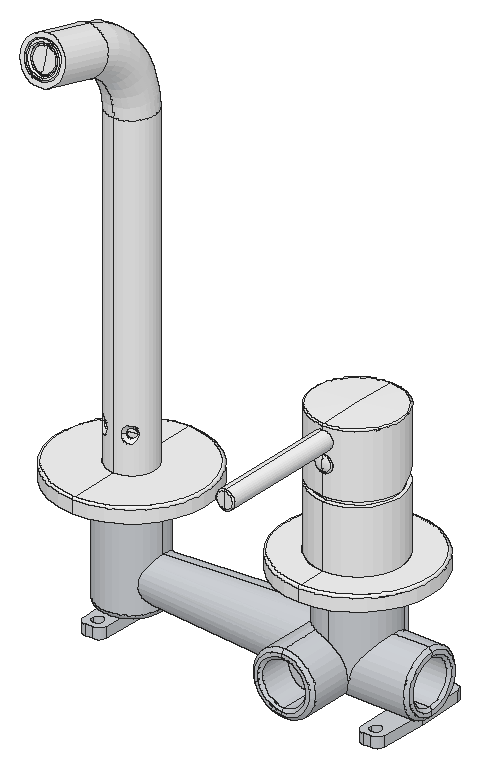
Revit family "Reece_Tap_Mizu_Drift_Wall Basin or Bath Mixer_Curved_2 Cover Plate", category Plumbing Fixtures, host Face, Revit 2018
Family settings
  Host = Face
  Round Connector Dimension = Use Diameter
  Part Type = Normal
  Cut with Voids When Loaded = No
  Shared = Yes
  Room Calculation Point = Yes
Parameters (values of type "187 mm_Chrome")
  WFU = 0  # constant formula
  URL = "https://www.reece.com.au/product/-2267366"
  Type Comments = "Tap"
  Reece_Tap_Reach = 187.0 mm  # constant formula
  Reece_Tap_Inlet = 25.0 mm  # constant formula
  Reece_Product_Web Page = "https://www.reece.com.au/product/-2267366"
  Reece_Product_Type = "Tap"  # constant formula
  Reece_Product_Sub Brand = "Drift"  # constant formula
  Reece_Product_Number = "2267366"
  Reece_Product_Mount = "Wall Mounted"  # constant formula
  Reece_Product_Description = "Mizu Drift Wall Basin / Bath Mixer Set with Curved Spout 2 Piece Kit Chrome (6 Star)"
  Reece_Product_Brand = "Mizu"  # constant formula
  Reece_Overall_Projection = 196.5 mm  # constant formula
  Reece_Overall_Height = 106.0 mm  # constant formula
  Reece_Nozzle_Pipe Radius = 10.0 mm  # constant formula
  Reece_Material_Main = Reece_Brass_Chrome
  Reece_Detail_Shape = "Curved"  # constant formula
  Reece_Detail_Installation = ""
  Reece_Detail_Disclaimer = "THIS FILE IS THE PROPERTY OF THE REECE GROUP. IT MAY NOT BE REPRODUCED, REVERSE-ENGINEERED, OR MODIFIED. ANY REPUBLICATION, TRANSMISSION, OR DISTRIBUTION FOR THE PURPOSE OF COMMERCIALLY EXPLOITING THE FILES IS PROHIBITED."  # constant formula
  Reece_Detail_Connector = ""
  Reece_Detail_Additional = "2 Cover Plate"  # constant formula
  Model = "Drift"
  Manufacturer = "Mizu"
  Keynote = "Product #2267366, Reece_Tap_Mizu_Drift_Wall Basin or Bath Mixer_Curved_2 Cover Plate - 187 mm_Chrome"
  HWFU = 0  # constant formula
  Disclaimer = "THIS FILE IS THE PROPERTY OF THE REECE GROUP. IT MAY NOT BE REPRODUCED, REVERSE-ENGINEERED, OR MODIFIED. ANY REPUBLICATION, TRANSMISSION, OR DISTRIBUTION FOR THE PURPOSE OF COMMERCIALLY EXPLOITING THE FILES IS PROHIBITED."  # constant formula
  Description = "Mizu Drift Wall Basin / Bath Mixer Set with Curved Spout 2 Piece Kit Chrome (6 Star)"
  Default Elevation = 1000.0 mm
  CWFU = 0  # constant formula
Types (5, lengths in mm): name | URL | Reece_Product_Web Page | Reece_Product_Number | Reece_Product_Description | Reece_Material_Main | Keynote | Description
  187 mm_Brushed Nickel | "https://www.reece.com.au/product/-2267380" | "https://www.reece.com.au/product/-2267380" | "2267380" | "Mizu Drift Wall Basin / Bath Mixer Set with Curved Spout 2 Piece Kit Brushed Nickel (6 Star)" | Reece_Brass_Brushed Nickel | "Product #2267380, Reece_Tap_Mizu_Drift_Wall Basin or Bath Mixer_Curved_2 Cover Plate - 187 mm_Brushed Nickel" | "Mizu Drift Wall Basin / Bath Mixer Set with Curved Spout 2 Piece Kit Brushed Nickel (6 Star)"
  187 mm_Chrome | "https://www.reece.com.au/product/-2267366" | "https://www.reece.com.au/product/-2267366" | "2267366" | "Mizu Drift Wall Basin / Bath Mixer Set with Curved Spout 2 Piece Kit Chrome (6 Star)" | Reece_Brass_Chrome | "Product #2267366, Reece_Tap_Mizu_Drift_Wall Basin or Bath Mixer_Curved_2 Cover Plate - 187 mm_Chrome" | "Mizu Drift Wall Basin / Bath Mixer Set with Curved Spout 2 Piece Kit Chrome (6 Star)"
  187 mm_Matte Black | "https://www.reece.com.au/product/-2267373" | "https://www.reece.com.au/product/-2267373" | "2267373" | "Mizu Drift Wall Basin / Bath Mixer Set with Curved Spout 2 Piece Kit Matte Black (6 Star)" | Reece_Brass_Matte Black | "Product #2267373, Reece_Tap_Mizu_Drift_Wall Basin or Bath Mixer_Curved_2 Cover Plate - 187 mm_Matte Black" | "Mizu Drift Wall Basin / Bath Mixer Set with Curved Spout 2 Piece Kit Matte Black (6 Star)"
  187 mm_Brushed Gunmetal | "https://www.reece.com.au/product/-2267387" | "https://www.reece.com.au/product/-2267387" | "2267387" | "Mizu Drift Wall Basin / Bath Mixer Set with Curved Spout 2 Piece Kit Brushed Gunmetal (6 Star)" | Reece_Brass_Brushed Gunmetal | "Product #2267387, Reece_Tap_Mizu_Drift_Wall Basin or Bath Mixer_Curved_2 Cover Plate - 187 mm_Brushed Gunmetal" | "Mizu Drift Wall Basin / Bath Mixer Set with Curved Spout 2 Piece Kit Brushed Gunmetal (6 Star)"
  187 mm_Brushed Brass | "https://www.reece.com.au/product/-2267394" | "https://www.reece.com.au/product/-2267394" | "2267394" | "Mizu Drift Wall Basin / Bath Mixer Set with Curved Spout 2 Piece Kit Brushed Brass (6 Star)" | Reece_Brass_Brushed | "Product #2267394, Reece_Tap_Mizu_Drift_Wall Basin or Bath Mixer_Curved_2 Cover Plate - 187 mm_Brushed Brass" | "Mizu Drift Wall Basin / Bath Mixer Set with Curved Spout 2 Piece Kit Brushed Brass (6 Star)"
Reference planes
  plane 1 "Center (Front/Back)": y = 0
  plane 2: z = 0
  plane 3 "Center (Left/Right)": x = 0
  plane 4: z = 65
  plane 5: z = 187
  plane 6: through (0, -20.635, 179.437) normal (0, -0.2588, -0.9659)
  plane 7: y = -48.861
  plane 8: z = 196.5
  plane 9: y = 32.611
  plane 10: y = -73.389
Forms (mm)
  Revolve 1, solid, material "Reece_Brass_Chrome" <- "Reece_Material_Main"
    sketch origin (-50, 0, 0) x (0, 1, 0) y (0, 0, 1)
      loop
        line (32.611, 0) -> (32.611, 5.5)
        arc (32.611, 5.5) -> (32.318, 6.207) -> (31.611, 6.5) r 1
        line (31.611, 6.5) -> (10.25, 6.5) -> (10.25, 3) -> (24, 3) -> (24, 0) -> (32.611, 0)
      axis (0, 6.5) -> (0, 0)
    angle from 0 to 360
  Revolve 2, solid, material "Reece_Brass_Chrome" <- "Reece_Material_Main"
    sketch origin (49.911, 0.055, -117.916) x (0, 1, 0) y (0, 0, 1)
      loop
        line (-19, 151.8) -> (-19, 124.416) -> (0, 124.416) -> (0, 157.8) -> (-13.55, 157.8) -> (-13.55, 161.484)
        arc (-13.55, 161.484) -> (-15.908, 156.868) -> (-17, 151.8) r 20
        line (-17, 151.8) -> (-19, 151.8)
      axis (0, 161.484) -> (0, 124.416)
    angle from 0 to 360
  Extrusion 3, void
    sketch origin (49.911, 5.683, 45.943) x (0, -0.91357, -0.406681) y (1, 0, 0)
      loop
        line (39.237, 24.5) -> (-51.116, 24.5) -> (-51.116, -24.5) -> (39.237, -24.5) -> (39.237, 24.5)
    from -20.185 to -6.612
  Revolve 4, solid, material "Reece_Brass_Chrome" <- "Reece_Material_Main"
    sketch origin (49.911, 0.055, -117.916) x (0, 1, 0) y (0, 0, 1)
      loop
        line (-73.445, 176.258) -> (-11.215, 176.258) -> (-11.215, 179.458) -> (-12.015, 180.258) -> (-72.945, 180.258)
        arc (-72.945, 180.258) -> (-73.298, 180.112) -> (-73.445, 179.758) r 0.5
        line (-73.445, 179.758) -> (-73.445, 176.258)
      axis (-11.215, 176.258) -> (-73.445, 176.258)
    angle from 0 to 360
  Revolve 5, solid, material "Reece_Brass_Chrome" <- "Reece_Material_Main"
    sketch origin (49.911, 0.055, -117.916) x (0, 1, 0) y (0, 0, 1)
      loop
        arc (-18.424, 182.55) -> (-18.833, 182.366) -> (-19, 181.95) r 0.6
        line (-19, 181.95) -> (-19, 154.116) -> (-17.998, 154.116) -> (-17.5, 161.235) -> (-17.5, 164.116) -> (0, 164.116) -> (0, 182.916)
        arc (0, 182.916) -> (-9.214, 182.824) -> (-18.424, 182.55) r 466.11
      axis (0, 182.916) -> (0, 154.116)
    angle from 0 to 360
  Revolve 6, solid, material "Reece_Brass_Chrome" <- "Reece_Material_Main"
    sketch origin (49.911, 0.055, 0.5) x (0, 1, 0) y (0, 0, 1)
      loop
        arc (-31.555, 6) -> (-32.262, 5.707) -> (-32.555, 5) r 1
        line (-32.555, 5) -> (-32.555, -0.5) -> (-19.305, -0.5) -> (-19.305, 6) -> (-31.555, 6)
      axis (0, 6) -> (0, -0.5)
    angle from 0 to 360
  Revolve 7, void
    sketch origin (-53.474, -3.018, 22.5) x (0.5, 0.866025, 0) y (-0.866025, 0.5, 0)
      loop
        line (-3.414, 2.1) -> (-4.254, 2.1) -> (-5.911, 4.186) -> (-5.911, 0) -> (-3.643, 0)
        arc (-3.643, 0) -> (-3.604, 1.058) -> (-3.414, 2.1) r 7.404
      axis (-5.911, 0) -> (-3.414, 0)
    angle from 0 to 360
  Revolve 8, void
    sketch origin (-46.526, -3.018, 22.5) x (-0.5, 0.866025, 0) y (-0.866025, -0.5, 0)
      loop
        arc (-3.414, -2.1) -> (-3.604, -1.058) -> (-3.643, 0) r 7.404
        line (-3.643, 0) -> (-5.911, 0) -> (-5.911, -4.186) -> (-4.254, -2.1) -> (-3.414, -2.1)
      axis (-5.911, 0) -> (-3.414, 0)
    angle from 0 to 360
  Extrusion 9, solid
    sketch origin (49.911, 7.086, -35) x (0, -1, 0) y (0, 0, 1)
      loop
        arc (-8.914, -1.5) -> (-5.253, -10.339) -> (3.586, -14) r 12.5
        line (3.586, -14) -> (7.086, -14) -> (7.086, -11) -> (3.586, -11)
        arc (3.586, -11) -> (-3.132, -8.218) -> (-5.914, -1.5) r 9.5
        line (-5.914, -1.5) -> (-5.914, 35) -> (-12.914, 35) -> (-12.914, 33.5)
        arc (-12.914, 33.5) -> (-12.621, 32.793) -> (-11.914, 32.5) r 1
        line (-11.914, 32.5) -> (-10.914, 32.5)
        arc (-10.914, 32.5) -> (-9.5, 31.914) -> (-8.914, 30.5) r 2
        line (-8.914, 30.5) -> (-8.914, -1.5)
    from 9.327 to -9.327
  Revolve 10, solid
    sketch origin (49.911, 7.086, -35) x (0, -1, 0) y (0, 0, 1)
      loop
        line (27.086, 33.5) -> (27.086, 35) -> (7.086, 35) -> (7.086, -1.146) -> (23.086, -1.146) -> (23.086, 30.5)
        arc (23.086, 30.5) -> (23.671, 31.914) -> (25.086, 32.5) r 2
        line (25.086, 32.5) -> (26.086, 32.5)
        arc (26.086, 32.5) -> (26.793, 32.793) -> (27.086, 33.5) r 1
      axis (7.086, 35) -> (7.086, -1.146)
    angle from 0 to 360
  Extrusion 11, void
    sketch origin (49.911, 7.086, -35) x (0, -1, 0) y (0, 0, 1)
      loop
        arc (-29.2, -13.737) -> (-25.539, -22.576) -> (-16.7, -26.237) r 12.5
        line (-16.7, -26.237) -> (7.086, -26.237) -> (7.086, -11) -> (3.586, -11)
        arc (3.586, -11) -> (-3.132, -8.218) -> (-5.914, -1.5) r 9.5
        line (-5.914, -1.5) -> (-5.914, 35) -> (-12.914, 35) -> (-12.914, 33.5)
        arc (-12.914, 33.5) -> (-12.621, 32.793) -> (-11.914, 32.5) r 1
        line (-11.914, 32.5) -> (-29.2, 32.5) -> (-29.2, -13.737)
    from 23.664 to -25.317
  Revolve 12, solid
    sketch origin (49.911, 7.086, -35) x (0, -1, 0) y (0, 0, 1)
      loop
        line (27.086, 33.5) -> (27.086, 35) -> (7.086, 35) -> (7.086, 30.5) -> (23.086, 30.5)
        arc (23.086, 30.5) -> (23.671, 31.914) -> (25.086, 32.5) r 2
        line (25.086, 32.5) -> (26.086, 32.5)
        arc (26.086, 32.5) -> (26.793, 32.793) -> (27.086, 33.5) r 1
      axis (7.086, 35) -> (7.086, 30.5)
    angle from 0 to 360
  Revolve 13, solid
    sketch origin (43, 7.086, -35) x (0, -1, 0) y (0, 0, 1)
      loop
        line (8.163, -13.75) -> (38.586, -13.75) -> (40.086, -12.25) -> (40.086, -10.7) -> (38.886, -9.5) -> (25.086, -9.5) -> (25.086, 0) -> (8.163, 0) -> (8.163, -13.75)
      axis (8.163, 0) -> (40.086, 0)
    angle from 0 to 360
  Revolve 14, solid
    sketch origin (0, 0, 0) x (1, 0, 0) y (0, 0, 1)
      loop
        line (-48.087, -44.103) -> (43, -49) -> (81.5, -49) -> (83, -47.5) -> (83, -45.7) -> (81.8, -44.5) -> (68, -44.5) -> (68, -35) -> (-48.087, -35) -> (-48.087, -44.103)
      axis (83, -35) -> (-48.087, -35)
    angle from 0 to 360
  Revolve 15, solid
    sketch origin (0, 0, 0) x (1, 0, 0) y (0, 0, 1)
      loop
        line (-50, 3.5) -> (-64, 3.5) -> (-64, -46.75)
        arc (-64, -46.75) -> (-63.414, -48.164) -> (-62, -48.75) r 2
        line (-62, -48.75) -> (-50, -48.75) -> (-50, 3.5)
      axis (-50, -48.75) -> (-50, 3.5)
    angle from 0 to 360
  Extrusion 16, solid
    sketch origin (0, 0, 0) x (1, 0, 0) y (0, 1, 0)
      loop
        line (-44.179, 0) -> (-44.882, 20.122)
        arc (-44.882, 20.122) -> (-45.949, 22.518) -> (-48.38, 23.5) r 3.5
        line (-48.38, 23.5) -> (-51.62, 23.5)
        arc (-51.62, 23.5) -> (-54.051, 22.518) -> (-55.118, 20.122) r 3.5
        line (-55.118, 20.122) -> (-55.821, 0) -> (-55.118, -20.122)
        arc (-55.118, -20.122) -> (-54.051, -22.518) -> (-51.62, -23.5) r 3.5
        line (-51.62, -23.5) -> (-48.38, -23.5)
        arc (-48.38, -23.5) -> (-45.949, -22.518) -> (-44.882, -20.122) r 3.5
        line (-44.882, -20.122) -> (-44.179, 0)
      loop
        circle (-50, 18.5) r 2.5
      loop
        circle (-50, -18.5) r 2.5
      loop
        line (78.118, -20.122) -> (78.821, 0) -> (78.118, 20.122)
        arc (78.118, 20.122) -> (77.051, 22.518) -> (74.62, 23.5) r 3.5
        line (74.62, 23.5) -> (71.38, 23.5)
        arc (71.38, 23.5) -> (68.949, 22.518) -> (67.882, 20.122) r 3.5
        line (67.882, 20.122) -> (67.179, 0) -> (67.882, -20.122)
        arc (67.882, -20.122) -> (68.949, -22.518) -> (71.38, -23.5) r 3.5
        line (71.38, -23.5) -> (74.62, -23.5)
        arc (74.62, -23.5) -> (77.051, -22.518) -> (78.118, -20.122) r 3.5
      loop
        circle (73, -18.5) r 2.5
      loop
        circle (73, 18.5) r 2.5
    from -52.75 to -48.3
  Revolve 17, void
    sketch origin (49.911, 7.086, -35) x (0, -1, 0) y (0, 0, 1)
      loop
        line (27.086, -11.609) -> (27.086, 38.751) -> (7.086, 38.751) -> (7.086, -11.609) -> (27.086, -11.609)
      axis (7.086, 38.751) -> (7.086, -11.609)
    angle from 0 to 360
  Revolve 18, void
    sketch origin (0, 0, 0) x (1, 0, 0) y (0, 0, 1)
      loop
        line (-50, 11.25) -> (-64, 11.25) -> (-64, -48.75) -> (-50, -48.75) -> (-50, 11.25)
      axis (-50, -48.75) -> (-50, 11.25)
    angle from 0 to 360
  Revolve 19, solid, material "Reece_Brass_Chrome" <- "Reece_Material_Main"
    sketch origin (49.911, 0.967, -120.53) x (0, -1, 0) y (0, 0, -1)
      loop
        arc (19.269, -173.642) -> (19.651, -173.532) -> (19.915, -173.234) r 0.716
        arc (19.915, -173.234) -> (20.503, -171.536) -> (20.702, -169.75) r 8.104
        line (20.702, -169.75) -> (16.178, -169.75) -> (16.178, -173.642) -> (19.269, -173.642)
      axis (16.178, -169.75) -> (20.702, -169.75)
    angle from 0 to 360
  Revolve 20, void
    sketch origin (49.911, 0.967, -120.53) x (0, -1, 0) y (0, 0, -1)
      loop
        arc (20.458, -173.621) -> (20.84, -173.51) -> (21.104, -173.213) r 0.716
        arc (21.104, -173.213) -> (21.689, -171.525) -> (21.891, -169.75) r 8.104
        line (21.891, -169.75) -> (17.922, -169.75) -> (17.922, -173.621) -> (20.458, -173.621)
      axis (17.922, -169.75) -> (21.891, -169.75)
    angle from 0 to 360
  Revolve 21, void
    sketch origin (-50, -289.197, 59.273) x (0, 0.139173, -0.990268) y (0, 0.990268, 0.139173)
      loop
        line (-96.903, 259.586) -> (-97.639, 259.898) -> (-98.167, 258.656) -> (-99.017, 258.313) -> (-99.744, 258.622) -> (-100.121, 259.555) -> (-101.676, 255.893) -> (-94.312, 252.767) -> (-92.727, 256.501) -> (-97.375, 258.474) -> (-96.903, 259.586)
      axis (-94.312, 252.767) -> (-92.255, 257.613)
    angle from 0 to 360
  Sweep 22, solid, material "Reece_Brass_Chrome" <- "Reece_Material_Main"
    path origin (0, 0, 0) x (0, 1, 0) y (0, 0, 1)
      loop
        line (-48.861, 187) -> (-25.941, 180.859)
        arc (-25.941, 180.859) -> (-7.233, 168.358) -> (0, 147.051) r 35
        line (0, 147.051) -> (0, 0)
    profile origin (0, -37.401, 183.929) x (0, 0.258819, 0.965926) y (1, 0, 0)
      loop
        circle (0, -50) r 10
Cuts and joins
  Extrusion 3, Revolve 20 cuts Revolve 5
  joined: Revolve 4, Revolve 5
  Extrusion 11 cuts Revolve 10
  joined: Revolve 10, Revolve 12, Revolve 13, Revolve 14, Revolve 15, Extrusion 16
  Revolve 7, Revolve 8, Revolve 21 cuts Sweep 22
  joined: Revolve 1, Sweep 22
Lines and regions (mm)
  reference lines
    curve 1: line (-50, 0, 10.73) -> (-50, 0, 171.228)
    curve 2: line (49.911, -27.613, 23.883) -> (49.911, 43.373, 55.483)
    curve 3: line (-53.474, -6.018, 22.5) -> (-50, 0, 22.5)
    curve 4: line (43, 7.086, -35) -> (43, -32.914, -35)
    curve 5: line (49.911, 7.086, -35) -> (49.911, -32.914, -35)
Text (mm)
  text "Reece Copyright © 2018, Reece Ltd." at (-642.13, -215.868, 0), in view "Ref. Level"
  text "Reece ©" at (49.658, 200.381, 128.502), in view "Reece Preview"
Dimensions and locks
  locked: Revolve 2 sketch curve to Revolve 2 sketch curve at 6
  Revolve 2 sketch curve to Revolve 2 sketch curve = 19.0 mm
  Extrusion 3 sketch curve to Extrusion 3 sketch curve = 49.0 mm
  "Reece_Tap_Reach": plane 5 to plane 2
  "Reece_Overall_Projection": level to plane 8
  "Reece_Overall_Height": plane 10 to plane 9
  angle plane 6 to plane 7 = 105.00°
  angle plane 7 to plane 6 = 105.00°
  aligned and locked: plane 2 to host face
  aligned and locked: level to host face
  aligned and locked: Revolve 5 sketch curve to Revolve 5 sketch curve
Automatic sketch dimensions
  host sketch curve to host sketch curve = 380.785 mm
  host sketch curve to host sketch curve = 317.421 mm
  curve 1 to plane 1 "Center (Front/Back)" = 0.0 mm
  level to curve 1 = 10.73 mm
  Revolve 1 sketch curve to plane 1 "Center (Front/Back)" = 0.0 mm
  Revolve 1 sketch curve to level = 0.0 mm
  level to Revolve 1 sketch curve = 3.0 mm
  Revolve 1 sketch curve to plane 1 "Center (Front/Back)" = 10.25 mm
  Revolve 1 sketch curve to Revolve 1 sketch curve = 13.75 mm
  Revolve 1 sketch curve to Revolve 1 sketch curve = 7.611 mm
  Revolve 1 sketch curve to Revolve 1 sketch curve = 1.0 mm
  level to Revolve 1 sketch curve = 5.5 mm
  Revolve 1 sketch curve to level = 609.6 mm
  plane 1 "Center (Front/Back)" to curve 2 = 27.613 mm
  level to curve 2 = 23.883 mm
  curve 2 to plane 4 = 9.517 mm
  curve 2 to plane 1 "Center (Front/Back)" = 43.373 mm
  plane 3 "Center (Left/Right)" to Extrusion 3 sketch curve = 74.411 mm
  Extrusion 3 sketch curve to Extrusion 3 sketch curve = 90.354 mm
  Revolve 4 sketch curve to plane 4 = 6.658 mm
  plane 1 "Center (Front/Back)" to Revolve 4 sketch curve = 73.389 mm
  Revolve 4 sketch curve to Revolve 4 sketch curve = 0.5 mm
  plane 1 "Center (Front/Back)" to Revolve 4 sketch curve = 11.96 mm
  Revolve 4 sketch curve to Revolve 4 sketch curve = 0.8 mm  (x2)
  Revolve 4 sketch curve to Revolve 4 sketch curve = 1.183 mm
  Revolve 4 sketch curve to plane 1 "Center (Front/Back)" = 0.242 mm
  Revolve 4 sketch curve to Revolve 4 sketch curve = 0.0 mm
  Revolve 6 sketch curve to level = 0.0 mm
  plane 1 "Center (Front/Back)" to Revolve 6 sketch curve = 32.5 mm
  Revolve 6 sketch curve to Revolve 6 sketch curve = 1.0 mm
  Revolve 6 sketch curve to Revolve 6 sketch curve = 13.25 mm
  level to Revolve 6 sketch curve = 5.5 mm
  Revolve 6 sketch curve to plane 1 "Center (Front/Back)" = 0.055 mm
  Revolve 6 sketch curve to level = 340.31 mm
  plane 1 "Center (Front/Back)" to curve 3 = 0.0 mm
  plane 1 "Center (Front/Back)" to curve 3 = 6.018 mm
  curve 3 to plane 3 "Center (Left/Right)" = 53.474 mm
  curve 3 to curve 3 = 3.474 mm
  Revolve 7 sketch curve to curve 3 = 1.5 mm  (x2)
  curve 3 to Revolve 7 sketch curve = 2.598 mm  (x2)
  Revolve 7 sketch curve to curve 3 = 3.6 mm
  Revolve 7 sketch curve to curve 3 = 0.816 mm
  Revolve 7 sketch curve to Revolve 7 sketch curve = 0.229 mm
  Revolve 7 sketch curve to Revolve 7 sketch curve = 0.839 mm
  Revolve 7 sketch curve to Revolve 7 sketch curve = 2.268 mm
  Revolve 7 sketch curve to Revolve 7 sketch curve = 1.657 mm
  Revolve 7 sketch curve to curve 3 = 1.756 mm
  Revolve 7 sketch curve to Revolve 7 sketch curve = 2.086 mm
  Revolve 8 sketch curve to curve 3 = 1.5 mm
  curve 3 to Revolve 8 sketch curve = 2.598 mm
  Revolve 8 sketch curve to curve 3 = 0.594 mm
  Revolve 8 sketch curve to curve 3 = 7.765 mm
  Revolve 8 sketch curve to curve 3 = 4.519 mm
  Revolve 8 sketch curve to Revolve 8 sketch curve = 0.839 mm
  Revolve 8 sketch curve to curve 3 = 6.787 mm
  Revolve 8 sketch curve to Revolve 8 sketch curve = 1.657 mm
  Revolve 8 sketch curve to curve 3 = 7.518 mm
  Revolve 8 sketch curve to curve 3 = 1.756 mm
  Revolve 8 sketch curve to Revolve 8 sketch curve = 2.086 mm
  Revolve 8 sketch curve to curve 3 = 0.876 mm
  plane 1 "Center (Front/Back)" to curve 4 = 32.914 mm
  plane 3 "Center (Left/Right)" to curve 4 = 43.0 mm
  curve 4 to curve 5 = 3.456 mm  (x2)
  curve 4 to curve 4 = 34.641 mm
  curve 5 to curve 4 = 5.985 mm  (x2)
  curve 5 to curve 5 = 20.0 mm
  Extrusion 9 sketch curve to Extrusion 9 sketch curve = 0.0 mm  (x2)
  Extrusion 9 sketch curve to curve 5 = 12.914 mm
  Extrusion 9 sketch curve to Extrusion 9 sketch curve = 1.0 mm  (x2)
  Extrusion 9 sketch curve to Extrusion 9 sketch curve = 2.0 mm
  Extrusion 9 sketch curve to Extrusion 9 sketch curve = 3.0 mm  (x2)
  curve 5 to Extrusion 9 sketch curve = 1.5 mm
  curve 5 to Extrusion 9 sketch curve = 3.586 mm
  Extrusion 9 sketch curve to Extrusion 9 sketch curve = 3.5 mm
  Extrusion 9 sketch curve to curve 5 = 11.0 mm
  curve 5 to Extrusion 9 sketch curve = 30.5 mm
  Extrusion 9 sketch curve to Extrusion 9 sketch curve = 4.5 mm
  curve 5 to Revolve 10 sketch curve = 7.086 mm  (x2)
  curve 5 to Revolve 10 sketch curve = 1.146 mm
  Revolve 10 sketch curve to Revolve 10 sketch curve = 16.0 mm
  Revolve 10 sketch curve to Revolve 10 sketch curve = 2.0 mm
  Revolve 10 sketch curve to Revolve 10 sketch curve = 1.0 mm  (x2)
  curve 5 to Revolve 10 sketch curve = 30.5 mm
  curve 5 to Revolve 10 sketch curve = 35.0 mm
  curve 5 to Revolve 10 sketch curve = 65.0 mm
  curve 5 to Revolve 10 sketch curve = 75.0 mm
  curve 5 to Extrusion 11 sketch curve = 13.737 mm
  Extrusion 11 sketch curve to curve 5 = 29.2 mm
  Extrusion 11 sketch curve to Extrusion 11 sketch curve = 12.5 mm
  Extrusion 11 sketch curve to curve 5 = 12.914 mm
  Extrusion 11 sketch curve to Extrusion 11 sketch curve = 1.0 mm
  Extrusion 11 sketch curve to curve 5 = 5.914 mm  (x2)
  curve 5 to Extrusion 11 sketch curve = 1.5 mm
  curve 5 to Extrusion 11 sketch curve = 3.586 mm
  Extrusion 11 sketch curve to Extrusion 11 sketch curve = 3.5 mm
  Extrusion 11 sketch curve to curve 5 = 11.0 mm
  curve 5 to Extrusion 11 sketch curve = 32.5 mm
  Extrusion 11 sketch curve to Extrusion 11 sketch curve = 1.5 mm
  curve 5 to Revolve 12 sketch curve = 7.086 mm  (x2)
  Revolve 12 sketch curve to Revolve 12 sketch curve = 16.0 mm
  Revolve 12 sketch curve to Revolve 12 sketch curve = 2.0 mm
  Revolve 12 sketch curve to Revolve 12 sketch curve = 1.0 mm  (x2)
  curve 5 to Revolve 12 sketch curve = 30.5 mm
  Revolve 12 sketch curve to Revolve 12 sketch curve = 1.5 mm
  curve 5 to Revolve 12 sketch curve = 65.0 mm
  curve 5 to Revolve 12 sketch curve = 75.0 mm
  Revolve 13 sketch curve to curve 4 = 0.0 mm  (x3)
  curve 4 to Revolve 13 sketch curve = 0.0 mm
  curve 4 to Revolve 13 sketch curve = 8.163 mm
  Revolve 13 sketch curve to curve 4 = 14.914 mm
  Revolve 13 sketch curve to curve 4 = 1.414 mm
  Revolve 13 sketch curve to curve 4 = 1.114 mm
  curve 4 to Revolve 13 sketch curve = 0.086 mm
  curve 4 to Revolve 13 sketch curve = 9.5 mm
  Revolve 13 sketch curve to curve 4 = 10.7 mm
  Revolve 13 sketch curve to curve 4 = 12.25 mm
  Revolve 13 sketch curve to curve 4 = 13.75 mm
  Revolve 14 sketch curve to plane 3 "Center (Left/Right)" = 48.087 mm
  plane 3 "Center (Left/Right)" to Revolve 14 sketch curve = 43.0 mm
  Revolve 14 sketch curve to Revolve 14 sketch curve = 25.0 mm
  Revolve 14 sketch curve to Revolve 14 sketch curve = 13.5 mm
  Revolve 14 sketch curve to Revolve 14 sketch curve = 0.3 mm
  Revolve 14 sketch curve to Revolve 14 sketch curve = 1.5 mm  (x2)
  Revolve 14 sketch curve to level = 49.0 mm
  Revolve 14 sketch curve to Revolve 14 sketch curve = 0.0 mm  (x2)
  Revolve 14 sketch curve to Revolve 14 sketch curve = 1.8 mm
  Revolve 14 sketch curve to Revolve 14 sketch curve = 1.2 mm
  Revolve 14 sketch curve to level = 44.103 mm
  Revolve 14 sketch curve to Revolve 14 sketch curve = 9.5 mm
  Revolve 14 sketch curve to Revolve 14 sketch curve = 12.337 mm
  Revolve 14 sketch curve to Revolve 14 sketch curve = 25.491 mm
  level to Revolve 15 sketch curve = 3.5 mm
  Revolve 15 sketch curve to plane 3 "Center (Left/Right)" = 64.0 mm
  Revolve 15 sketch curve to Revolve 15 sketch curve = 2.0 mm
  Revolve 15 sketch curve to Revolve 15 sketch curve = 14.0 mm
  Revolve 15 sketch curve to level = 46.75 mm
  Revolve 15 sketch curve to Revolve 15 sketch curve = 0.0 mm
  Revolve 15 sketch curve to level = 4.525 mm
  Revolve 15 sketch curve to Revolve 15 sketch curve = 17.25 mm
  plane 1 "Center (Front/Back)" to Extrusion 16 sketch curve = 0.0 mm  (x4)
  Extrusion 16 sketch curve to plane 3 "Center (Left/Right)" = 55.821 mm
  Extrusion 16 sketch curve to plane 1 "Center (Front/Back)" = 20.122 mm  (x4)
  Extrusion 16 sketch curve to Extrusion 16 sketch curve = 0.703 mm  (x4)
  plane 1 "Center (Front/Back)" to Extrusion 16 sketch curve = 20.122 mm  (x4)
  Extrusion 16 sketch curve to Extrusion 16 sketch curve = 3.498 mm  (x8)
  Extrusion 16 sketch curve to Extrusion 16 sketch curve = 1.62 mm  (x5)
  Extrusion 16 sketch curve to Extrusion 16 sketch curve = 3.24 mm  (x3)
  Extrusion 16 sketch curve to Extrusion 16 sketch curve = 11.641 mm  (x2)
  plane 3 "Center (Left/Right)" to Extrusion 16 sketch curve = 67.179 mm
  Extrusion 16 sketch curve to Extrusion 16 sketch curve = 3.378 mm  (x2)
  Extrusion 16 sketch curve to Extrusion 16 sketch curve = 1.5 mm  (x4)
  Extrusion 16 sketch curve to Extrusion 16 sketch curve = 1.622 mm  (x2)
  curve 5 to Revolve 17 sketch curve = 7.086 mm  (x2)
  Revolve 17 sketch curve to curve 5 = 12.914 mm
  Revolve 17 sketch curve to curve 5 = 11.609 mm
  curve 5 to Revolve 17 sketch curve = 38.751 mm
  curve 5 to Revolve 17 sketch curve = 65.0 mm
  curve 5 to Revolve 17 sketch curve = 75.0 mm
  Revolve 18 sketch curve to plane 3 "Center (Left/Right)" = 64.0 mm
  Revolve 18 sketch curve to Revolve 18 sketch curve = 14.0 mm
  Revolve 18 sketch curve to level = 48.75 mm
  level to Revolve 18 sketch curve = 11.25 mm
  Revolve 18 sketch curve to Revolve 18 sketch curve = 0.0 mm
  Revolve 18 sketch curve to Revolve 18 sketch curve = 17.25 mm
  Revolve 18 sketch curve to level = 4.525 mm
  plane 1 "Center (Front/Back)" to Revolve 19 sketch curve = 11.631 mm
  Revolve 19 sketch curve to Revolve 19 sketch curve = 3.58 mm
  Revolve 19 sketch curve to Revolve 19 sketch curve = 3.091 mm
  Revolve 19 sketch curve to Revolve 19 sketch curve = 1.433 mm
  Revolve 19 sketch curve to plane 4 = 11.888 mm
  Revolve 19 sketch curve to Revolve 19 sketch curve = 0.716 mm
  Revolve 19 sketch curve to Revolve 19 sketch curve = 3.892 mm
  Revolve 19 sketch curve to Revolve 19 sketch curve = 0.925 mm
  Revolve 19 sketch curve to Revolve 19 sketch curve = 4.804 mm
  Revolve 19 sketch curve to Revolve 19 sketch curve = 0.0 mm
  plane 1 "Center (Front/Back)" to Revolve 20 sketch curve = 12.82 mm
  Revolve 20 sketch curve to Revolve 20 sketch curve = 4.135 mm
  Revolve 20 sketch curve to Revolve 20 sketch curve = 2.536 mm
  Revolve 20 sketch curve to Revolve 20 sketch curve = 1.433 mm
  Revolve 20 sketch curve to plane 4 = 11.909 mm
  Revolve 20 sketch curve to Revolve 20 sketch curve = 0.716 mm
  Revolve 20 sketch curve to Revolve 20 sketch curve = 3.871 mm
  Revolve 20 sketch curve to Revolve 20 sketch curve = 0.021 mm
  Revolve 20 sketch curve to Revolve 20 sketch curve = 0.264 mm
  Revolve 20 sketch curve to Revolve 20 sketch curve = 3.615 mm
  Revolve 20 sketch curve to Revolve 20 sketch curve = 0.0 mm
  plane 4 to curve 1 = 106.228 mm
  plane 4 to Revolve 1 sketch curve = 2277.807 mm
  plane 4 to Revolve 6 sketch curve = 2379.87 mm
  Sweep 22 sketch curve to plane 5 = 0.0 mm
  Sweep 22 sketch curve to plane 6 = 0.0 mm
  plane 6 to Sweep 22 sketch curve = 0.0 mm
  Sweep 22 sketch curve to level = 0.0 mm
  Sweep 22 sketch curve to plane 1 "Center (Front/Back)" = 0.0 mm
  plane 7 to Sweep 22 sketch curve = 13.861 mm
  Sweep 22 sketch curve to plane 5 = 6.141 mm
  Sweep 22 sketch curve to plane 3 "Center (Left/Right)" = 50.0 mm
  Sweep 22 sketch curve to profile plane = 0.0 mm
  Revolve 21 sketch curve to plane 6 = 0.0 mm  (x3)
  Revolve 21 sketch curve to plane 5 = 0.204 mm
  plane 6 to Revolve 21 sketch curve = 0.0 mm
  Revolve 21 sketch curve to Revolve 21 sketch curve = 1.585 mm
  Revolve 21 sketch curve to Revolve 21 sketch curve = 4.176 mm
  Revolve 21 sketch curve to Revolve 21 sketch curve = 0.472 mm
  Revolve 21 sketch curve to Revolve 21 sketch curve = 0.736 mm
  Revolve 21 sketch curve to Revolve 21 sketch curve = 0.792 mm
  Revolve 21 sketch curve to Revolve 21 sketch curve = 0.85 mm
  Revolve 21 sketch curve to Revolve 21 sketch curve = 0.727 mm
  Revolve 21 sketch curve to Revolve 21 sketch curve = 0.377 mm
  Revolve 21 sketch curve to Revolve 21 sketch curve = 7.364 mm
  Revolve 21 sketch curve to Revolve 21 sketch curve = 0.344 mm
  Revolve 21 sketch curve to Revolve 21 sketch curve = 0.309 mm
  Revolve 21 sketch curve to Revolve 21 sketch curve = 2.982 mm
  Revolve 21 sketch curve to Revolve 21 sketch curve = 10.648 mm
  level to Revolve 2 sketch curve = 6.5 mm
  plane 1 "Center (Front/Back)" to Revolve 2 sketch curve = 18.945 mm
  Revolve 2 sketch curve to Revolve 2 sketch curve = 2.0 mm
  Revolve 2 sketch curve to Revolve 2 sketch curve = 3.45 mm
  Revolve 2 sketch curve to plane 1 "Center (Front/Back)" = 0.055 mm
  Revolve 2 sketch curve to plane 1 "Center (Front/Back)" = 2.988 mm
  Revolve 2 sketch curve to Revolve 2 sketch curve = 25.74 mm
  Revolve 2 sketch curve to Revolve 2 sketch curve = 1.644 mm
  Revolve 2 sketch curve to level = 458.726 mm
  Revolve 2 sketch curve to plane 8 = 2129.794 mm
  plane 1 "Center (Front/Back)" to Revolve 5 sketch curve = 18.945 mm
  Revolve 5 sketch curve to plane 4 = 0.966 mm
  Revolve 5 sketch curve to Revolve 5 sketch curve = 0.6 mm
  Revolve 5 sketch curve to Revolve 5 sketch curve = 1.002 mm
  Revolve 5 sketch curve to plane 1 "Center (Front/Back)" = 0.111 mm
  Revolve 5 sketch curve to plane 4 = 18.8 mm
  Revolve 5 sketch curve to Revolve 5 sketch curve = 2.881 mm
  Revolve 5 sketch curve to level = 401.11 mm
  plane 4 to Revolve 5 sketch curve = 0.0 mm
  Revolve 5 sketch curve to Revolve 5 sketch curve = 57.616 mm
  Revolve 5 sketch curve to plane 8 = 2078.788 mm
  Revolve 5 sketch curve to plane 1 "Center (Front/Back)" = 0.055 mm
  Revolve 5 sketch curve to Revolve 5 sketch curve = 0.498 mm
  Revolve 5 sketch curve to Revolve 5 sketch curve = 7.119 mm
  Revolve 4 sketch curve to Revolve 4 sketch curve = 3.2 mm
  radius of Extrusion 16 sketch curve = 2.5 mm  (x4)
  radius of Sweep 22 sketch curve = 10.0 mm
Connectors
  piping at (43, -18, -35), diameter 25, driven by "Reece_Tap_Inlet"
    settings: on cut or joined group of Revolve 10, Extrusion 11, Revolve 12, Revolve 13, Revolve 14, Revolve 15, Extrusion 16, index 1, connector inside diameter 609.6 mm, connector length 0.0 mm, flow factor 0, pipe flow 0.0 L/s, pressure drop 0.0 Pa, fitting loss kfactor 0, connector angle 0.00°, fixture units 0, engagement length 0.0 mm, angle of deflection 0.00°, flow configuration 0, flow direction 1, fitting loss method 0, system type 29, joint type 0, gender type 0, connector reference index -1, connector utility 0, adjustable connector no, is connector primary yes, connector description "Hot Water"
  piping at (68, 0, -35), diameter 25, driven by "Reece_Tap_Inlet"
    settings: on cut or joined group of Revolve 10, Extrusion 11, Revolve 12, Revolve 13, Revolve 14, Revolve 15, Extrusion 16, index 2, connector inside diameter 609.6 mm, connector length 0.0 mm, flow factor 0, pipe flow 0.0 L/s, pressure drop 0.0 Pa, fitting loss kfactor 0, connector angle 0.00°, fixture units 0, engagement length 0.0 mm, angle of deflection 0.00°, flow configuration 0, flow direction 2, fitting loss method 0, system type 29, joint type 0, gender type 0, connector reference index -1, connector utility 0, adjustable connector no, is connector primary no, connector description "Cold Water"
